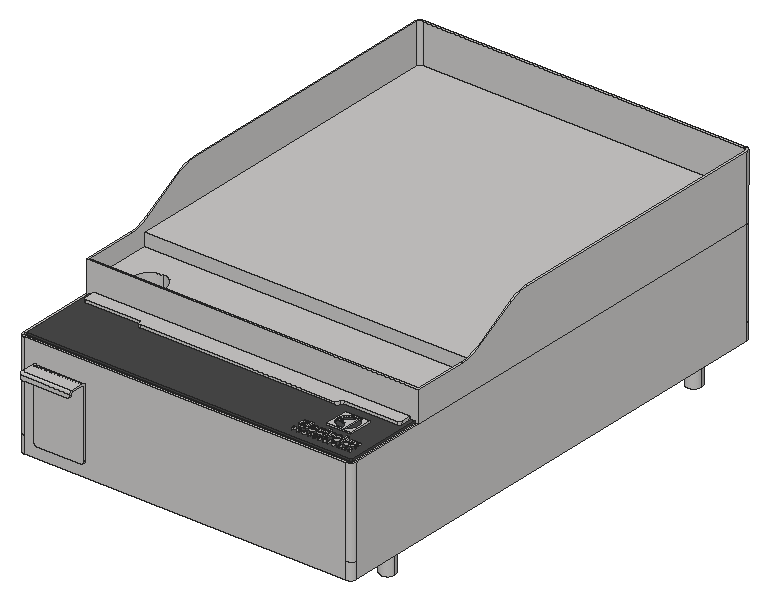
Revit family "QF_ELECTROLUXPROFESSIONAL_600886_E1IREEOMCS", category Specialty Equipment, Revit 2018
Family settings
  Round Connector Dimension = Use Diameter
  Part Type = Normal
  Work Plane-Based = No
  Always vertical = Yes
  Cut with Voids When Loaded = No
  Shared = No
  Room Calculation Point = No
Parameters (values of type "Standard")
  Watts = 0 W
  Volts = 220 V
  URL = "http://professional.electrolux.com"
  Steam Supply Size = 0 mm
  Steam Supply Minimum Pressure = 0.0 Pa
  Steam Supply Maximum Pressure = 0.0 Pa
  Steam Pounds per Hour = 0
  Show Logo [instance] = yes
  Manufacturer = "Electrolux Professional"
  Phase = 1
  Model = "E1IREEOMCS"
  Item Number = "600886"
  Hot Water Size = 0 mm
  HP = "4.7 HP"
  Gas Size = 0 mm
  Gas KW = 0
  Direct Waste Size = 0 mm
  Description = "PLUG-IN INDUCTION GRIDDLE, STAINLESS STEEL SMOOTH PLATE"
  Cycle = 60 Hz
  Condensate Return Size = 0 mm
  Compressed Air Volume = 0.0 L/s
  Compressed Air Size = 0 mm
  Compressed Air Pressure = 0.0 Pa
  Cold Water Size = 0 mm
Values of the unnamed type that differ from the named types
  Volts = 0 V
  Item Number = ""
  Cycle = 0 Hz
Reference planes
  plane 1 "Centro (Fronte/Retro)": y = 74.737
  plane 2: z = 0
  plane 3: x = -514.269
  plane 4 "LEFT": x = -714.269
  plane 5 "RIGHT": x = -314.269
  plane 6 "BACK": y = 374.737
  plane 7 "FRONT": y = -225.263
  plane 8: x = -712.269
  plane 9: y = 372.737
  plane 10: x = -316.269
  plane 11: y = -223.263
  plane 12: y = -124.263
  plane 13: x = -701.269
  plane 14: x = -327.269
  plane 15: y = 304.737
  plane 16: y = -155.263
  plane 17: x = -442.269
  plane 18: y = 179.737
  plane 19: z = 764
Forms (mm)
  Extrusion 1, solid, material "QF_Finishes_Stainless Steel"
    sketch origin (0, 0, 788) x (1, 0, 0) y (0, 1, 0)
      loop
        arc (-707.269, 374.737) -> (-712.218, 372.687) -> (-714.269, 367.737) r 7
        line (-714.269, 367.737) -> (-714.269, -218.263)
        arc (-714.269, -218.263) -> (-712.218, -223.213) -> (-707.269, -225.263) r 7
        line (-707.269, -225.263) -> (-321.269, -225.263)
        arc (-321.269, -225.263) -> (-316.319, -223.213) -> (-314.269, -218.263) r 7
        line (-314.269, -218.263) -> (-314.269, 367.737)
        arc (-314.269, 367.737) -> (-316.319, 372.687) -> (-321.269, 374.737) r 7
        line (-321.269, 374.737) -> (-707.269, 374.737)
    from 0 to 20
  Extrusion 2, solid, material "QF_Finishes_Stainless Steel"
    sketch origin (0, 0, 788) x (1, 0, 0) y (0, 1, 0)
      loop
        line (-321.269, 374.737) -> (-707.269, 374.737)
        arc (-707.269, 374.737) -> (-712.218, 372.687) -> (-714.269, 367.737) r 7
        line (-714.269, 367.737) -> (-714.269, -218.263)
        arc (-714.269, -218.263) -> (-712.218, -223.213) -> (-707.269, -225.263) r 7
        line (-707.269, -225.263) -> (-321.269, -225.263)
        arc (-321.269, -225.263) -> (-316.319, -223.213) -> (-314.269, -218.263) r 7
        line (-314.269, -218.263) -> (-314.269, 367.737)
        arc (-314.269, 367.737) -> (-316.319, 372.687) -> (-321.269, 374.737) r 7
      loop
        arc (-707.269, 372.737) -> (-710.804, 371.273) -> (-712.269, 367.737) r 5
        line (-712.269, 367.737) -> (-712.269, -218.263)
        arc (-712.269, -218.263) -> (-710.804, -221.798) -> (-707.269, -223.263) r 5
        line (-707.269, -223.263) -> (-321.269, -223.263)
        arc (-321.269, -223.263) -> (-317.733, -221.798) -> (-316.269, -218.263) r 5
        line (-316.269, -218.263) -> (-316.269, 367.737)
        arc (-316.269, 367.737) -> (-317.733, 371.273) -> (-321.269, 372.737) r 5
        line (-321.269, 372.737) -> (-707.269, 372.737)
    from 20 to 126
  Extrusion 3, solid, material "QF_Finishes_Black"
    sketch origin (0, 0, 914) x (-1, 0, 0) y (0, -1, 0)
      loop
        line (709.269, 124.263) -> (709.269, 218.263)
        arc (709.269, 218.263) -> (708.683, 219.677) -> (707.269, 220.263) r 2
        line (707.269, 220.263) -> (321.269, 220.263)
        arc (321.269, 220.263) -> (319.854, 219.677) -> (319.269, 218.263) r 2
        line (319.269, 218.263) -> (319.269, 124.263) -> (709.269, 124.263)
    from 0 to 2
  Extrusion 4, solid, material "QF_Finishes_Stainless Steel"
    sketch origin (0, 0, 914) x (-1, 0, 0) y (0, -1, 0)
      loop
        arc (701.269, 124.263) -> (703.39, 125.142) -> (704.269, 127.263) r 3
        line (704.269, 127.263) -> (704.269, 137.763)
        arc (704.269, 137.763) -> (703.39, 139.884) -> (701.269, 140.763) r 3
        line (701.269, 140.763) -> (637.269, 140.763)
        arc (637.269, 140.763) -> (635.147, 141.642) -> (634.269, 143.763) r 3
        arc (634.269, 143.763) -> (633.39, 145.884) -> (631.269, 146.763) r 3
        line (631.269, 146.763) -> (397.269, 146.763)
        arc (397.269, 146.763) -> (395.147, 145.884) -> (394.269, 143.763) r 3
        arc (394.269, 143.763) -> (393.39, 141.642) -> (391.269, 140.763) r 3
        line (391.269, 140.763) -> (327.269, 140.763)
        arc (327.269, 140.763) -> (325.147, 139.884) -> (324.269, 137.763) r 3
        line (324.269, 137.763) -> (324.269, 127.263)
        arc (324.269, 127.263) -> (325.147, 125.142) -> (327.269, 124.263) r 3
        line (327.269, 124.263) -> (701.269, 124.263)
    from 2 to 5
  Extrusion 5, solid, material "QF_Finishes_Stainless Steel"
    sketch origin (0, 0, 140) x (-1, 0, 0) y (0, -1, 0)
      loop
        circle (701.269, -304.737) r 9
      loop
        circle (327.269, -304.737) r 9
      loop
        circle (701.269, 155.263) r 9
      loop
        circle (327.269, 155.263) r 9
    from 624 to 648
  Extrusion 6, solid, material "QF_Finishes_Stainless Steel"
    sketch origin (0, 0, 140) x (-1, 0, 0) y (0, -1, 0)
      loop
        circle (442.269, -179.737) r 10
    from 638.028 to 648
  Extrusion 7, solid, material "QF_Finishes_Stainless Steel"
    sketch origin (0, 0, 140) x (-1, 0, 0) y (0, -1, 0)
      loop
        line (321.269, -374.737) -> (707.269, -374.737)
        arc (707.269, -374.737) -> (712.218, -372.687) -> (714.269, -367.737) r 7
        line (714.269, -367.737) -> (714.269, 124.263) -> (314.269, 124.263) -> (314.269, -367.737)
        arc (314.269, -367.737) -> (316.319, -372.687) -> (321.269, -374.737) r 7
      loop
        line (712.269, 122.263) -> (316.269, 122.263) -> (316.269, -367.737)
        arc (316.269, -367.737) -> (317.733, -371.273) -> (321.269, -372.737) r 5
        line (321.269, -372.737) -> (707.269, -372.737)
        arc (707.269, -372.737) -> (710.804, -371.273) -> (712.269, -367.737) r 5
        line (712.269, -367.737) -> (712.269, 122.263)
    from 774 to 851
  Extrusion 8, void
    sketch origin (-714.269, 367.737, 140) x (0, 1, 0) y (0, 0, 1)
      loop
        line (-492, 851) -> (-492, 811) -> (-425.278, 811)
        arc (-425.278, 811) -> (-412.445, 812.675) -> (-400.471, 817.588) r 50
        line (-400.471, 817.588) -> (-353.529, 844.412)
        arc (-353.529, 844.412) -> (-341.555, 849.325) -> (-328.722, 851) r 50
        line (-328.722, 851) -> (-492, 851)
    from 0 to 400
  Extrusion 9, solid, material "QF_Finishes_Stainless Steel"
    sketch origin (0, 0, 140) x (-1, 0, 0) y (0, -1, 0)
      loop
        line (712.269, -367.737) -> (712.269, 40.263) -> (316.269, 40.263) -> (316.269, -367.737)
        arc (316.269, -367.737) -> (317.733, -371.273) -> (321.269, -372.737) r 5
        line (321.269, -372.737) -> (707.269, -372.737)
        arc (707.269, -372.737) -> (710.804, -371.273) -> (712.269, -367.737) r 5
    from 774 to 804.06
  Extrusion 10, solid, material "QF_Finishes_Stainless Steel"
    sketch origin (0, 0, 140) x (-1, 0, 0) y (0, -1, 0)
      loop
        line (712.269, 40.263) -> (712.269, 122.263) -> (316.269, 122.263) -> (316.269, 40.263) -> (712.269, 40.263)
    from 774 to 789
  Extrusion 11, solid, material "QF_Finishes_Stainless Steel"
    sketch origin (-695.269, 367.737, 788) x (0, -1, 0) y (0, 0, 1)
      loop
        line (593, 14) -> (594.5, 14) -> (594.5, 99)
        arc (594.5, 99) -> (594.939, 100.061) -> (596, 100.5) r 1.5
        line (596, 100.5) -> (612, 100.5)
        arc (612, 100.5) -> (613.061, 100.061) -> (613.5, 99) r 1.5
        line (613.5, 99) -> (613.5, 94) -> (615, 94) -> (615, 99)
        arc (615, 99) -> (614.121, 101.121) -> (612, 102) r 3
        line (612, 102) -> (596, 102)
        arc (596, 102) -> (593.879, 101.121) -> (593, 99) r 3
        line (593, 99) -> (593, 14)
    from 0 to -60
  Extrusion 12, void
    sketch origin (-695.269, -226.763, 802) x (0, 0, 1) y (1, 0, 0)
      loop
        arc (4, 0) -> (1.172, 1.172) -> (0, 4) r 4
        line (0, 4) -> (0, 0) -> (4, 0)
      loop
        line (4, 60) -> (0, 60) -> (0, 56)
        arc (0, 56) -> (1.172, 58.828) -> (4, 60) r 4
    from 1.5 to 0
  Extrusion 13, void
    sketch origin (-695.269, -247.263, 890) x (0, 0, 1) y (1, 0, 0)
      loop
        arc (-4, 0) -> (-6.828, 1.172) -> (-8, 4) r 4
        line (-8, 4) -> (-8, 0) -> (-4, 0)
      loop
        line (-4, 60) -> (-8, 60) -> (-8, 56)
        arc (-8, 56) -> (-6.828, 58.828) -> (-4, 60) r 4
    from 0 to 1.5
  Extrusion 14, void
    sketch origin (3.3, 0, 929) x (0, -1, 0) y (-1, 0, 0)
      loop
        circle (91.263, 667.536) r 19
    from 0 to 71.307
Cuts and joins
  Extrusion 12, Extrusion 13 cuts Extrusion 1
  Extrusion 12, Extrusion 13 cuts Extrusion 2
  joined: Extrusion 1, Extrusion 2
  Extrusion 8 cuts Extrusion 7
  Extrusion 12, Extrusion 13 cuts Extrusion 11
  Extrusion 14 cuts Extrusion 10
Lines and regions (mm)
  symbolic lines
    curve 1: line (-321.269, 374.737, 126) -> (-707.269, 374.737, 126)
    curve 2: arc (-707.269, 374.737, 126) -> (-712.218, 372.687, 126) -> (-714.269, 367.737, 126) r 7
    curve 3: line (-714.269, 367.737, 126) -> (-714.269, -218.263, 126)
    curve 4: arc (-714.269, -218.263, 126) -> (-712.218, -223.213, 126) -> (-707.269, -225.263, 126) r 7
    curve 5: line (-707.269, -225.263, 126) -> (-321.269, -225.263, 126)
    curve 6: arc (-321.269, -225.263, 126) -> (-316.319, -223.213, 126) -> (-314.269, -218.263, 126) r 7
    curve 7: line (-314.269, -218.263, 126) -> (-314.269, 367.737, 126)
    curve 8: arc (-314.269, 367.737, 126) -> (-316.319, 372.687, 126) -> (-321.269, 374.737, 126) r 7
    curve 9: line (-707.269, 372.737, 126) -> (-321.269, 372.737, 126)
    curve 10: arc (-321.269, 372.737, 126) -> (-317.733, 371.273, 126) -> (-316.269, 367.737, 126) r 5
    curve 11: line (-316.269, 367.737, 126) -> (-316.269, -218.263, 126)
    curve 12: arc (-316.269, -218.263, 126) -> (-317.733, -221.798, 126) -> (-321.269, -223.263, 126) r 5
    curve 13: line (-321.269, -223.263, 126) -> (-707.269, -223.263, 126)
    curve 14: arc (-707.269, -223.263, 126) -> (-710.804, -221.798, 126) -> (-712.269, -218.263, 126) r 5
    curve 15: line (-712.269, -218.263, 126) -> (-712.269, 367.737, 126)
    curve 16: arc (-712.269, 367.737, 126) -> (-710.804, 371.273, 126) -> (-707.269, 372.737, 126) r 5
    curve 17: line (-631.269, -146.763, 126) -> (-397.269, -146.763, 126)
    curve 18: arc (-397.269, -146.763, 126) -> (-395.147, -145.884, 126) -> (-394.269, -143.763, 126) r 3
    curve 19: arc (-394.269, -143.763, 126) -> (-393.39, -141.642, 126) -> (-391.269, -140.763, 126) r 3
    curve 20: line (-391.269, -140.763, 126) -> (-327.269, -140.763, 126)
    curve 21: arc (-327.269, -140.763, 126) -> (-325.147, -139.884, 126) -> (-324.269, -137.763, 126) r 3
    curve 22: line (-324.269, -137.763, 126) -> (-324.269, -127.263, 126)
    curve 23: arc (-324.269, -127.263, 126) -> (-325.147, -125.142, 126) -> (-327.269, -124.263, 126) r 3
    curve 24: arc (-701.269, -124.263, 126) -> (-703.39, -125.142, 126) -> (-704.269, -127.263, 126) r 3
    curve 25: line (-704.269, -127.263, 126) -> (-704.269, -137.763, 126)
    curve 26: arc (-704.269, -137.763, 126) -> (-703.39, -139.884, 126) -> (-701.269, -140.763, 126) r 3
    curve 27: line (-701.269, -140.763, 126) -> (-637.269, -140.763, 126)
    curve 28: line (-319.269, -218.263, 126) -> (-319.269, -124.263, 126)
    curve 29: line (-709.269, -124.263, 126) -> (-709.269, -218.263, 126)
    curve 30: arc (-709.269, -218.263, 126) -> (-708.683, -219.677, 126) -> (-707.269, -220.263, 126) r 2
    curve 31: line (-707.269, -220.263, 126) -> (-321.269, -220.263, 126)
    curve 32: arc (-321.269, -220.263, 126) -> (-319.854, -219.677, 126) -> (-319.269, -218.263, 126) r 2
    curve 33: arc (-637.269, -140.763, 126) -> (-635.147, -141.642, 126) -> (-634.269, -143.763, 126) r 3
    curve 34: arc (-634.269, -143.763, 126) -> (-633.39, -145.884, 126) -> (-631.269, -146.763, 126) r 3
    curve 35: line (-709.269, -124.263, 0) -> (-319.269, -124.263, 0)
    curve 36: line (-712.269, -40.263, 126) -> (-316.269, -40.263, 126)
    curve 37: line (-378.626, -153.452, 126) -> (-378.626, -182.168, 126)
    curve 38: line (-378.626, -182.168, 126) -> (-349.912, -182.168, 126)
    curve 39: line (-349.912, -182.168, 126) -> (-349.912, -153.452, 126)
    curve 40: line (-349.912, -153.452, 126) -> (-378.626, -153.452, 126)
    curve 41: line (-375.841, -162.424, 126) -> (-375.07, -161.023, 126)
    curve 42: line (-375.07, -161.023, 126) -> (-374.141, -159.732, 126)
    curve 43: line (-374.141, -159.732, 126) -> (-373.065, -158.564, 126)
    curve 44: line (-373.065, -158.564, 126) -> (-371.856, -157.535, 126)
    curve 45: line (-371.856, -157.535, 126) -> (-370.527, -156.661, 126)
    curve 46: line (-370.527, -156.661, 126) -> (-369.091, -155.954, 126)
    curve 47: line (-369.091, -155.954, 126) -> (-367.562, -155.431, 126)
    curve 48: line (-367.562, -155.431, 126) -> (-365.952, -155.107, 126)
    curve 49: arc (-365.952, -155.107, 126) -> (-363.752, -155.007, 126) -> (-361.567, -155.279, 126) r 13.008
    curve 50: arc (-361.567, -155.279, 126) -> (-361.815, -157.647, 126) -> (-362.651, -159.876, 126) r 9.395
    curve 51: line (-362.651, -159.876, 126) -> (-363.438, -161.245, 126)
    curve 52: line (-363.438, -161.245, 126) -> (-364.403, -162.507, 126)
    curve 53: line (-364.403, -162.507, 126) -> (-365.524, -163.648, 126)
    curve 54: line (-365.524, -163.648, 126) -> (-366.781, -164.654, 126)
    curve 55: line (-366.781, -164.654, 126) -> (-368.151, -165.509, 126)
    curve 56: line (-368.151, -165.509, 126) -> (-369.615, -166.2, 126)
    curve 57: line (-369.615, -166.2, 126) -> (-371.15, -166.712, 126)
    curve 58: line (-371.15, -166.712, 126) -> (-372.736, -167.029, 126)
    curve 59: line (-372.736, -167.029, 126) -> (-374.352, -167.138, 126)
    curve 60: line (-374.352, -167.138, 126) -> (-377.067, -167.138, 126)
    curve 61: line (-377.067, -167.138, 126) -> (-376.852, -165.495, 126)
    curve 62: line (-376.852, -165.495, 126) -> (-376.439, -163.92, 126)
    curve 63: line (-376.439, -163.92, 126) -> (-375.841, -162.424, 126)
    curve 64: line (-360.221, -179.969, 126) -> (-360.221, -155.646, 126)
    curve 65: line (-360.221, -155.646, 126) -> (-358.743, -156.237, 126)
    curve 66: line (-358.743, -156.237, 126) -> (-357.363, -157.003, 126)
    curve 67: line (-357.363, -157.003, 126) -> (-356.095, -157.931, 126)
    curve 68: line (-356.095, -157.931, 126) -> (-354.951, -159.007, 126)
    curve 69: line (-354.951, -159.007, 126) -> (-353.945, -160.217, 126)
    curve 70: line (-353.945, -160.217, 126) -> (-353.092, -161.548, 126)
    curve 71: line (-353.092, -161.548, 126) -> (-352.403, -162.986, 126)
    curve 72: line (-352.403, -162.986, 126) -> (-351.894, -164.517, 126)
    curve 73: line (-351.894, -164.517, 126) -> (-351.576, -166.128, 126)
    curve 74: line (-351.576, -166.128, 126) -> (-351.464, -167.804, 126)
    curve 75: line (-351.464, -167.804, 126) -> (-351.567, -169.456, 126)
    curve 76: line (-351.567, -169.456, 126) -> (-351.873, -171.047, 126)
    curve 77: line (-351.873, -171.047, 126) -> (-352.372, -172.563, 126)
    curve 78: line (-352.372, -172.563, 126) -> (-353.05, -173.992, 126)
    curve 79: line (-353.05, -173.992, 126) -> (-353.897, -175.319, 126)
    curve 80: line (-353.897, -175.319, 126) -> (-354.899, -176.532, 126)
    curve 81: line (-354.899, -176.532, 126) -> (-356.044, -177.617, 126)
    curve 82: line (-356.044, -177.617, 126) -> (-357.321, -178.56, 126)
    curve 83: line (-357.321, -178.56, 126) -> (-358.718, -179.349, 126)
    curve 84: line (-358.718, -179.349, 126) -> (-360.221, -179.969, 126)
    curve 85: line (-369.613, -169.43, 126) -> (-368.15, -170.12, 126)
    curve 86: line (-368.15, -170.12, 126) -> (-366.78, -170.975, 126)
    curve 87: line (-366.78, -170.975, 126) -> (-365.524, -171.98, 126)
    curve 88: line (-365.524, -171.98, 126) -> (-364.403, -173.12, 126)
    curve 89: line (-364.403, -173.12, 126) -> (-363.439, -174.381, 126)
    curve 90: line (-363.439, -174.381, 126) -> (-362.652, -175.748, 126)
    curve 91: arc (-362.652, -175.748, 126) -> (-361.85, -177.982, 126) -> (-361.568, -180.34, 126) r 10.532
    curve 92: arc (-361.568, -180.34, 126) -> (-362.906, -180.548, 126) -> (-364.258, -180.63, 126) r 14.39
    curve 93: line (-364.258, -180.63, 126) -> (-365.828, -180.532, 126)
    curve 94: line (-365.828, -180.532, 126) -> (-367.331, -180.252, 126)
    curve 95: line (-367.331, -180.252, 126) -> (-368.77, -179.801, 126)
    curve 96: line (-368.77, -179.801, 126) -> (-370.134, -179.191, 126)
    curve 97: line (-370.134, -179.191, 126) -> (-371.411, -178.434, 126)
    curve 98: line (-371.411, -178.434, 126) -> (-372.589, -177.541, 126)
    curve 99: line (-372.589, -177.541, 126) -> (-373.656, -176.525, 126)
    curve 100: line (-373.656, -176.525, 126) -> (-374.6, -175.397, 126)
    curve 101: line (-374.6, -175.397, 126) -> (-375.41, -174.168, 126)
    curve 102: line (-375.41, -174.168, 126) -> (-376.073, -172.852, 126)
    curve 103: line (-376.073, -172.852, 126) -> (-376.579, -171.46, 126)
    curve 104: line (-376.579, -171.46, 126) -> (-376.915, -170.003, 126)
    curve 105: line (-376.915, -170.003, 126) -> (-377.069, -168.493, 126)
    curve 106: line (-377.069, -168.493, 126) -> (-374.35, -168.493, 126)
    curve 107: line (-374.35, -168.493, 126) -> (-372.734, -168.602, 126)
    curve 108: line (-372.734, -168.602, 126) -> (-371.148, -168.919, 126)
    curve 109: line (-371.148, -168.919, 126) -> (-369.613, -169.43, 126)
    curve 110: arc (-399.495, -197.154, 126) -> (-398.466, -199.638, 126) -> (-395.982, -200.667, 126) r 3.513
    curve 111: line (-395.982, -200.667, 126) -> (-392.408, -200.667, 126)
    curve 112: line (-392.408, -200.667, 126) -> (-392.408, -198.85, 126)
    curve 113: line (-392.408, -198.85, 126) -> (-395.966, -198.85, 126)
    curve 114: arc (-395.966, -198.85, 126) -> (-397.094, -198.382, 126) -> (-397.562, -197.254, 126) r 1.596
    curve 115: line (-397.562, -197.254, 126) -> (-397.562, -195.74, 126)
    curve 116: line (-397.562, -195.74, 126) -> (-392.843, -195.74, 126)
    curve 117: line (-392.843, -195.74, 126) -> (-392.843, -193.917, 126)
    curve 118: line (-392.843, -193.917, 126) -> (-397.563, -193.917, 126)
    curve 119: line (-397.563, -193.917, 126) -> (-397.563, -191.264, 126)
    curve 120: line (-397.563, -191.264, 126) -> (-392.542, -191.264, 126)
    curve 121: line (-392.542, -191.264, 126) -> (-392.542, -189.445, 126)
    curve 122: line (-392.542, -189.445, 126) -> (-399.495, -189.445, 126)
    curve 123: line (-399.495, -189.445, 126) -> (-399.495, -193.353, 126)
    curve 124: line (-399.495, -193.353, 126) -> (-399.495, -197.154, 126)
    curve 125: line (-389.101, -189.455, 126) -> (-391.035, -189.455, 126)
    curve 126: line (-391.035, -189.455, 126) -> (-391.035, -194.76, 126)
    curve 127: line (-391.035, -194.76, 126) -> (-391.035, -200.681, 126)
    curve 128: line (-391.035, -200.681, 126) -> (-389.101, -200.681, 126)
    curve 129: line (-389.101, -200.681, 126) -> (-389.101, -194.721, 126)
    curve 130: line (-389.101, -194.721, 126) -> (-389.101, -189.455, 126)
    curve 131: arc (-380.394, -193.787, 126) -> (-383.654, -192.313, 126) -> (-386.913, -193.787, 126) r 4.34
    curve 132: arc (-386.913, -193.787, 126) -> (-387.819, -196.606, 126) -> (-386.913, -199.425, 126) r 4.838
    curve 133: arc (-386.913, -199.425, 126) -> (-383.498, -200.88, 126) -> (-380.082, -199.425, 126) r 4.737
    curve 134: line (-380.082, -199.425, 126) -> (-381.246, -198.293, 126)
    curve 135: arc (-381.246, -198.293, 126) -> (-383.382, -199.237, 126) -> (-385.517, -198.293, 126) r 2.888
    curve 136: arc (-385.517, -198.293, 126) -> (-385.841, -197.736, 126) -> (-385.905, -197.095, 126) r 1.527
    curve 137: line (-385.905, -197.095, 126) -> (-379.564, -197.095, 126)
    curve 138: arc (-379.564, -197.095, 126) -> (-379.672, -195.364, 126) -> (-380.394, -193.787, 126) r 4.757
    curve 139: line (-381.505, -195.736, 126) -> (-385.858, -195.736, 126)
    curve 140: arc (-385.858, -195.736, 126) -> (-385.043, -194.411, 126) -> (-383.56, -193.941, 126) r 2.23
    curve 141: arc (-383.56, -193.941, 126) -> (-382.221, -194.482, 126) -> (-381.505, -195.736, 126) r 2.201
    curve 142: arc (-372.029, -198.26, 126) -> (-376.639, -196.593, 126) -> (-372.029, -194.927, 126) r 2.606
    curve 143: line (-372.029, -194.927, 126) -> (-370.832, -193.681, 126)
    curve 144: arc (-370.832, -193.681, 126) -> (-378.564, -196.594, 126) -> (-370.832, -199.507, 126) r 4.415
    curve 145: line (-370.832, -199.507, 126) -> (-372.029, -198.26, 126)
    curve 146: line (-369.629, -193.481, 126) -> (-369.629, -197.299, 126)
    curve 147: arc (-369.629, -197.299, 126) -> (-368.592, -199.893, 126) -> (-365.911, -200.681, 126) r 3.196
    curve 148: line (-365.911, -200.681, 126) -> (-365.904, -198.864, 126)
    curve 149: arc (-365.904, -198.864, 126) -> (-367.239, -198.457, 126) -> (-367.699, -197.14, 126) r 1.542
    curve 150: line (-367.699, -197.14, 126) -> (-367.699, -194.319, 126)
    curve 151: line (-367.699, -194.319, 126) -> (-365.94, -194.319, 126)
    curve 152: line (-365.94, -194.319, 126) -> (-365.94, -192.562, 126)
    curve 153: line (-365.94, -192.562, 126) -> (-367.696, -192.562, 126)
    curve 154: line (-367.696, -192.562, 126) -> (-367.696, -189.455, 126)
    curve 155: line (-367.696, -189.455, 126) -> (-369.629, -189.455, 126)
    curve 156: line (-369.629, -189.455, 126) -> (-369.629, -193.481, 126)
    curve 157: arc (-359.402, -192.451, 126) -> (-361.13, -192.587, 126) -> (-362.397, -193.771, 126) r 2.627
    curve 158: line (-362.397, -193.771, 126) -> (-362.397, -192.563, 126)
    curve 159: line (-362.397, -192.563, 126) -> (-364.315, -192.563, 126)
    curve 160: line (-364.315, -192.563, 126) -> (-364.315, -196.541, 126)
    curve 161: line (-364.315, -196.541, 126) -> (-364.315, -200.681, 126)
    curve 162: line (-364.315, -200.681, 126) -> (-362.397, -200.681, 126)
    curve 163: line (-362.397, -200.681, 126) -> (-362.397, -196.412, 126)
    curve 164: arc (-362.397, -196.412, 126) -> (-361.445, -194.585, 126) -> (-359.402, -194.319, 126) r 2.229
    curve 165: line (-359.402, -194.319, 126) -> (-359.402, -192.451, 126)
    curve 166: arc (-350.248, -196.625, 126) -> (-354.668, -192.205, 126) -> (-359.088, -196.625, 126) r 4.42
    curve 167: arc (-359.088, -196.625, 126) -> (-354.668, -201.046, 126) -> (-350.248, -196.625, 126) r 4.42
    curve 168: arc (-357.176, -196.625, 126) -> (-354.668, -194.117, 126) -> (-352.16, -196.625, 126) r 2.508
    curve 169: arc (-352.16, -196.625, 126) -> (-354.668, -199.134, 126) -> (-357.176, -196.625, 126) r 2.508
    curve 170: line (-347.124, -189.454, 126) -> (-349.058, -189.454, 126)
    curve 171: line (-349.058, -189.454, 126) -> (-349.058, -194.566, 126)
    curve 172: line (-349.058, -194.566, 126) -> (-349.058, -200.682, 126)
    curve 173: line (-349.058, -200.682, 126) -> (-347.124, -200.682, 126)
    curve 174: line (-347.124, -200.682, 126) -> (-347.124, -194.643, 126)
    curve 175: line (-347.124, -194.643, 126) -> (-347.124, -189.454, 126)
    curve 176: line (-343.697, -192.562, 126) -> (-345.646, -192.562, 126)
    curve 177: line (-345.646, -192.562, 126) -> (-345.646, -194.915, 126)
    curve 178: line (-345.646, -194.915, 126) -> (-345.646, -197.715, 126)
    curve 179: arc (-345.646, -197.715, 126) -> (-341.931, -201.044, 126) -> (-338.204, -197.728, 126) r 3.745
    curve 180: line (-338.204, -197.728, 126) -> (-338.204, -194.915, 126)
    curve 181: line (-338.204, -194.915, 126) -> (-338.204, -192.562, 126)
    curve 182: line (-338.204, -192.562, 126) -> (-340.152, -192.562, 126)
    curve 183: line (-340.152, -192.562, 126) -> (-340.152, -197.299, 126)
    curve 184: arc (-340.152, -197.299, 126) -> (-341.925, -199.071, 126) -> (-343.697, -197.299, 126) r 1.772
    curve 185: line (-343.697, -197.299, 126) -> (-343.697, -192.562, 126)
    curve 186: line (-334.237, -196.397, 126) -> (-335.916, -198.735, 126)
    curve 187: line (-335.916, -198.735, 126) -> (-337.313, -200.682, 126)
    curve 188: line (-337.313, -200.682, 126) -> (-335.235, -200.682, 126)
    curve 189: line (-335.235, -200.682, 126) -> (-333.174, -197.813, 126)
    curve 190: line (-333.174, -197.813, 126) -> (-331.112, -200.682, 126)
    curve 191: line (-331.112, -200.682, 126) -> (-329.034, -200.682, 126)
    curve 192: line (-329.034, -200.682, 126) -> (-330.891, -198.085, 126)
    curve 193: line (-330.891, -198.085, 126) -> (-332.11, -196.38, 126)
    curve 194: line (-332.11, -196.38, 126) -> (-330.601, -194.325, 126)
    curve 195: line (-330.601, -194.325, 126) -> (-329.308, -192.563, 126)
    curve 196: line (-329.308, -192.563, 126) -> (-331.418, -192.563, 126)
    curve 197: line (-331.418, -192.563, 126) -> (-333.174, -194.995, 126)
    curve 198: line (-333.174, -194.995, 126) -> (-334.946, -192.563, 126)
    curve 199: line (-334.946, -192.563, 126) -> (-337.039, -192.563, 126)
    curve 200: line (-337.039, -192.563, 126) -> (-335.839, -194.205, 126)
    curve 201: line (-335.839, -194.205, 126) -> (-334.237, -196.397, 126)
    curve 202: line (-399.467, -205.699, 126) -> (-399.467, -209.59, 126)
    curve 203: line (-399.467, -209.59, 126) -> (-398.667, -209.59, 126)
    curve 204: line (-398.667, -209.59, 126) -> (-398.667, -208.271, 126)
    curve 205: line (-398.667, -208.271, 126) -> (-397.697, -208.271, 126)
    curve 206: arc (-397.697, -208.271, 126) -> (-396.674, -206.863, 126) -> (-397.967, -205.699, 126) r 1.3
    curve 207: line (-397.967, -205.699, 126) -> (-399.467, -205.699, 126)
    curve 208: line (-398.667, -207.52, 126) -> (-398.667, -206.434, 126)
    curve 209: line (-398.667, -206.434, 126) -> (-397.861, -206.434, 126)
    curve 210: arc (-397.861, -206.434, 126) -> (-397.461, -206.977, 126) -> (-397.861, -207.52, 126) r 0.569
    curve 211: line (-397.861, -207.52, 126) -> (-398.667, -207.52, 126)
    curve 212: line (-393.389, -205.699, 126) -> (-393.389, -209.59, 126)
    curve 213: line (-393.389, -209.59, 126) -> (-392.589, -209.59, 126)
    curve 214: line (-392.589, -209.59, 126) -> (-392.589, -208.249, 126)
    curve 215: line (-392.589, -208.249, 126) -> (-391.763, -208.249, 126)
    curve 216: line (-391.763, -208.249, 126) -> (-390.957, -209.59, 126)
    curve 217: line (-390.957, -209.59, 126) -> (-390.05, -209.59, 126)
    curve 218: line (-390.05, -209.59, 126) -> (-391.058, -207.929, 126)
    curve 219: arc (-391.058, -207.929, 126) -> (-390.677, -206.531, 126) -> (-391.863, -205.699, 126) r 1.26
    curve 220: line (-391.863, -205.699, 126) -> (-393.389, -205.699, 126)
    curve 221: line (-392.589, -207.52, 126) -> (-392.589, -206.434, 126)
    curve 222: line (-392.589, -206.434, 126) -> (-391.782, -206.434, 126)
    curve 223: arc (-391.782, -206.434, 126) -> (-391.383, -206.977, 126) -> (-391.782, -207.52, 126) r 0.569
    curve 224: line (-391.782, -207.52, 126) -> (-392.589, -207.52, 126)
    curve 225: arc (-386.695, -207.668, 126) -> (-385.407, -206.38, 126) -> (-384.119, -207.668, 126) r 1.288
    curve 226: arc (-384.119, -207.668, 126) -> (-385.407, -208.956, 126) -> (-386.695, -207.668, 126) r 1.288
    curve 227: arc (-383.342, -207.668, 126) -> (-385.407, -205.603, 126) -> (-387.472, -207.668, 126) r 2.065
    curve 228: arc (-387.472, -207.668, 126) -> (-385.407, -209.733, 126) -> (-383.342, -207.668, 126) r 2.065
    curve 229: line (-379.969, -205.699, 126) -> (-379.969, -209.59, 126)
    curve 230: line (-379.969, -209.59, 126) -> (-379.169, -209.59, 126)
    curve 231: line (-379.169, -209.59, 126) -> (-379.169, -208.099, 126)
    curve 232: line (-379.169, -208.099, 126) -> (-377.704, -208.099, 126)
    curve 233: line (-377.704, -208.099, 126) -> (-377.704, -207.299, 126)
    curve 234: line (-377.704, -207.299, 126) -> (-379.169, -207.299, 126)
    curve 235: line (-379.169, -207.299, 126) -> (-379.169, -206.499, 126)
    curve 236: line (-379.169, -206.499, 126) -> (-377.564, -206.499, 126)
    curve 237: line (-377.564, -206.499, 126) -> (-377.564, -205.699, 126)
    curve 238: line (-377.564, -205.699, 126) -> (-379.969, -205.699, 126)
    curve 239: line (-374.264, -205.699, 126) -> (-374.264, -208.344, 126)
    curve 240: arc (-374.264, -208.344, 126) -> (-373.899, -209.225, 126) -> (-373.017, -209.59, 126) r 1.246
    curve 241: line (-373.017, -209.59, 126) -> (-371.761, -209.59, 126)
    curve 242: line (-371.761, -209.59, 126) -> (-371.761, -208.79, 126)
    curve 243: line (-371.761, -208.79, 126) -> (-372.922, -208.79, 126)
    curve 244: arc (-372.922, -208.79, 126) -> (-373.361, -208.576, 126) -> (-373.464, -208.099, 126) r 0.558
    curve 245: line (-373.464, -208.099, 126) -> (-371.907, -208.099, 126)
    curve 246: line (-371.907, -208.099, 126) -> (-371.907, -207.299, 126)
    curve 247: line (-371.907, -207.299, 126) -> (-373.464, -207.299, 126)
    curve 248: line (-373.464, -207.299, 126) -> (-373.464, -206.499, 126)
    curve 249: line (-373.464, -206.499, 126) -> (-371.799, -206.499, 126)
    curve 250: line (-371.799, -206.499, 126) -> (-371.799, -205.699, 126)
    curve 251: line (-371.799, -205.699, 126) -> (-374.264, -205.699, 126)
    curve 252: arc (-368.711, -208.718, 126) -> (-367.818, -209.538, 126) -> (-366.606, -209.568, 126) r 1.725
    curve 253: arc (-366.606, -209.568, 126) -> (-365.785, -208.793, 126) -> (-366.071, -207.702, 126) r 1.107
    curve 254: arc (-366.071, -207.702, 126) -> (-366.648, -207.348, 126) -> (-367.264, -207.067, 126) r 5.523
    curve 255: arc (-367.264, -207.067, 126) -> (-367.604, -206.55, 126) -> (-367.043, -206.293, 126) r 0.407
    curve 256: arc (-367.043, -206.293, 126) -> (-366.706, -206.498, 126) -> (-366.425, -206.775, 126) r 1.702
    curve 257: line (-366.425, -206.775, 126) -> (-365.74, -206.363, 126)
    curve 258: arc (-365.74, -206.363, 126) -> (-366.172, -205.902, 126) -> (-366.708, -205.566, 126) r 2.463
    curve 259: arc (-366.708, -205.566, 126) -> (-368.378, -206.347, 126) -> (-367.331, -207.864, 126) r 1.207
    curve 260: line (-367.331, -207.864, 126) -> (-366.868, -208.812, 126)
    curve 261: arc (-366.868, -208.812, 126) -> (-367.513, -208.798, 126) -> (-367.991, -208.367, 126) r 0.925
    curve 262: line (-367.991, -208.367, 126) -> (-368.711, -208.718, 126)
    curve 263: arc (-362.851, -208.718, 126) -> (-361.958, -209.538, 126) -> (-360.746, -209.568, 126) r 1.725
    curve 264: arc (-360.746, -209.568, 126) -> (-359.926, -208.793, 126) -> (-360.211, -207.702, 126) r 1.107
    curve 265: arc (-360.211, -207.702, 126) -> (-360.788, -207.348, 126) -> (-361.405, -207.067, 126) r 5.523
    curve 266: arc (-361.405, -207.067, 126) -> (-361.745, -206.55, 126) -> (-361.183, -206.293, 126) r 0.407
    curve 267: arc (-361.183, -206.293, 126) -> (-360.846, -206.498, 126) -> (-360.566, -206.775, 126) r 1.702
    curve 268: line (-360.566, -206.775, 126) -> (-359.88, -206.363, 126)
    curve 269: arc (-359.88, -206.363, 126) -> (-360.313, -205.902, 126) -> (-360.848, -205.566, 126) r 2.463
    curve 270: arc (-360.848, -205.566, 126) -> (-362.518, -206.347, 126) -> (-361.471, -207.864, 126) r 1.207
    curve 271: line (-361.471, -207.864, 126) -> (-361.009, -208.812, 126)
    curve 272: arc (-361.009, -208.812, 126) -> (-361.653, -208.798, 126) -> (-362.132, -208.367, 126) r 0.925
    curve 273: line (-362.132, -208.367, 126) -> (-362.851, -208.718, 126)
    curve 274: line (-356.591, -209.59, 126) -> (-355.791, -209.59, 126)
    curve 275: line (-355.791, -209.59, 126) -> (-355.791, -205.699, 126)
    curve 276: line (-355.791, -205.699, 126) -> (-356.591, -205.699, 126)
    curve 277: line (-356.591, -205.699, 126) -> (-356.591, -209.59, 126)
    curve 278: arc (-352.472, -207.668, 126) -> (-350.407, -209.733, 126) -> (-348.342, -207.668, 126) r 2.065
    curve 279: arc (-348.342, -207.668, 126) -> (-350.407, -205.603, 126) -> (-352.472, -207.668, 126) r 2.065
    curve 280: arc (-351.695, -207.668, 126) -> (-350.407, -206.38, 126) -> (-349.119, -207.668, 126) r 1.288
    curve 281: arc (-349.119, -207.668, 126) -> (-350.407, -208.956, 126) -> (-351.695, -207.668, 126) r 1.288
    curve 282: line (-345.051, -205.699, 126) -> (-345.051, -209.59, 126)
    curve 283: line (-345.051, -209.59, 126) -> (-344.221, -209.59, 126)
    curve 284: line (-344.221, -209.59, 126) -> (-344.221, -207.143, 126)
    curve 285: line (-344.221, -207.143, 126) -> (-342.441, -209.59, 126)
    curve 286: line (-342.441, -209.59, 126) -> (-341.641, -209.59, 126)
    curve 287: line (-341.641, -209.59, 126) -> (-341.641, -205.699, 126)
    curve 288: line (-341.641, -205.699, 126) -> (-342.471, -205.699, 126)
    curve 289: line (-342.471, -205.699, 126) -> (-342.471, -208.219, 126)
    curve 290: line (-342.471, -208.219, 126) -> (-344.251, -205.699, 126)
    curve 291: line (-344.251, -205.699, 126) -> (-345.051, -205.699, 126)
    curve 292: line (-336.895, -205.7, 126) -> (-338.488, -209.59, 126)
    curve 293: line (-338.488, -209.59, 126) -> (-337.629, -209.59, 126)
    curve 294: line (-337.629, -209.59, 126) -> (-337.25, -208.75, 126)
    curve 295: line (-337.25, -208.75, 126) -> (-335.811, -208.75, 126)
    curve 296: line (-335.811, -208.75, 126) -> (-335.432, -209.59, 126)
    curve 297: line (-335.432, -209.59, 126) -> (-334.574, -209.59, 126)
    curve 298: line (-334.574, -209.59, 126) -> (-336.095, -205.7, 126)
    curve 299: line (-336.095, -205.7, 126) -> (-336.895, -205.7, 126)
    curve 300: line (-336.947, -207.983, 126) -> (-336.529, -206.965, 126)
    curve 301: line (-336.529, -206.965, 126) -> (-336.131, -207.983, 126)
    curve 302: line (-336.131, -207.983, 126) -> (-336.947, -207.983, 126)
    curve 303: line (-331.398, -205.699, 126) -> (-331.398, -209.59, 126)
    curve 304: line (-331.398, -209.59, 126) -> (-329.102, -209.59, 126)
    curve 305: line (-329.102, -209.59, 126) -> (-329.102, -208.79, 126)
    curve 306: line (-329.102, -208.79, 126) -> (-330.599, -208.79, 126)
    curve 307: line (-330.599, -208.79, 126) -> (-330.599, -205.699, 126)
    curve 308: line (-330.599, -205.699, 126) -> (-331.398, -205.699, 126)
    curve 309: arc (-664.236, -110.263, 126) -> (-683.236, -91.263, 126) -> (-664.236, -72.263, 126) r 19
    curve 310: arc (-664.236, -72.263, 126) -> (-645.236, -91.263, 126) -> (-664.236, -110.263, 126) r 19
    curve 311: line (-316.269, -122.263, 126) -> (-712.269, -122.263, 126)
    curve 312: line (-695.269, -225.263, 126) -> (-695.269, -247.263, 126)
    curve 313: line (-695.269, -247.263, 126) -> (-635.269, -247.263, 126)
    curve 314: line (-635.269, -247.263, 126) -> (-635.269, -225.263, 126)
Dimensions and locks
  equal spacing: plane 4 "LEFT", plane 3, plane 5 "RIGHT"
  plane 4 "LEFT" to plane 5 "RIGHT" = 400 mm
  equal spacing: plane 6 "BACK", plane 1 "Centro (Fronte/Retro)", plane 7 "FRONT"
  plane 6 "BACK" to plane 7 "FRONT" = 600 mm
  locked: plane 4 "LEFT" to plane 13 at 13
  locked: plane 14 to plane 5 "RIGHT" at 13
  locked: plane 6 "BACK" to plane 15 at 70
  locked: plane 16 to plane 7 "FRONT" at 70
  locked: plane 17 to plane 5 "RIGHT" at 128
  locked: plane 6 "BACK" to plane 18 at 195
  Extrusion 4 to Extrusion 5 = 155 mm
  plane 19 to level = 764 mm
  aligned and locked: level to plane 2
  aligned and locked: Extrusion 5 to cut or joined group of Extrusion 1, Extrusion 2, Extrusion 12, Extrusion 13
Automatic sketch dimensions
  curve 35 to plane 12 = 0 mm
  plane 8 to curve 35 = 3 mm
  curve 35 to plane 10 = 3 mm
  Extrusion 1 sketch curve to plane 4 "LEFT" = 0 mm
  Extrusion 1 sketch curve to plane 7 "FRONT" = 0 mm
  Extrusion 1 sketch curve to plane 6 "BACK" = 0 mm
  Extrusion 1 sketch curve to plane 5 "RIGHT" = 0 mm
  plane 8 to Extrusion 1 sketch curve = 5 mm  (x2)
  Extrusion 1 sketch curve to plane 10 = 5 mm  (x2)
  Extrusion 2 sketch curve to Extrusion 2 sketch curve = 0 mm  (x8)
  Extrusion 2 sketch curve to plane 4 "LEFT" = 0 mm
  Extrusion 2 sketch curve to plane 8 = 0 mm
  Extrusion 2 sketch curve to plane 6 "BACK" = 0 mm
  Extrusion 2 sketch curve to plane 7 "FRONT" = 0 mm
  Extrusion 2 sketch curve to plane 10 = 0 mm
  Extrusion 2 sketch curve to Extrusion 2 sketch curve = 5 mm  (x2)
  Extrusion 2 sketch curve to plane 10 = 5 mm  (x2)
  Extrusion 3 sketch curve to plane 12 = 0 mm
  Extrusion 3 sketch curve to plane 10 = 3 mm
  Extrusion 3 sketch curve to Extrusion 3 sketch curve = 2 mm  (x2)
  plane 8 to Extrusion 3 sketch curve = 5 mm
  plane 11 to Extrusion 3 sketch curve = 5 mm
  Extrusion 4 sketch curve to plane 12 = 0 mm
  Extrusion 4 sketch curve to plane 14 = 0 mm  (x2)
  Extrusion 4 sketch curve to plane 13 = 0 mm  (x2)
  Extrusion 4 sketch curve to Extrusion 4 sketch curve = 3 mm  (x2)
  plane 16 to Extrusion 4 sketch curve = 11.5 mm
  plane 17 to Extrusion 4 sketch curve = 51 mm
  Extrusion 4 sketch curve to Extrusion 4 sketch curve = 6 mm  (x2)
  plane 16 to Extrusion 4 sketch curve = 8.5 mm
  plane 13 to Extrusion 4 sketch curve = 70 mm
  Extrusion 4 sketch curve to plane 12 = 3 mm
  Extrusion 4 sketch curve to Extrusion 4 sketch curve = 10.5 mm  (x2)
  Extrusion 5 sketch curve to plane 14 = 0 mm  (x2)
  Extrusion 5 sketch curve to plane 13 = 0 mm  (x2)
  Extrusion 5 sketch curve to plane 15 = 0 mm  (x2)
  Extrusion 5 sketch curve to plane 16 = 0 mm  (x2)
  Extrusion 6 sketch curve to plane 17 = 0 mm
  Extrusion 6 sketch curve to plane 18 = 0 mm
  Extrusion 7 sketch curve to Extrusion 7 sketch curve = 0 mm  (x4)
  Extrusion 7 sketch curve to plane 5 "RIGHT" = 0 mm
  Extrusion 7 sketch curve to plane 10 = 0 mm
  Extrusion 7 sketch curve to plane 9 = 0 mm
  Extrusion 7 sketch curve to plane 8 = 0 mm
  Extrusion 7 sketch curve to plane 12 = 0 mm
  Extrusion 7 sketch curve to plane 9 = 5 mm
  plane 8 to Extrusion 7 sketch curve = 5 mm
  plane 12 to Extrusion 7 sketch curve = 2 mm
  Extrusion 8 sketch curve to Extrusion 7 = 0 mm  (x2)
  Extrusion 8 sketch curve to Extrusion 7 = 37 mm
  Extrusion 7 to Extrusion 8 sketch curve = 66.722 mm
  Extrusion 8 sketch curve to Extrusion 7 = 33.412 mm
  Extrusion 8 sketch curve to Extrusion 8 sketch curve = 24.807 mm
  Extrusion 8 sketch curve to Extrusion 7 = 6.588 mm
  Extrusion 8 sketch curve to Extrusion 8 sketch curve = 46.943 mm
  Extrusion 8 sketch curve to Extrusion 7 = 27 mm
  Extrusion 9 sketch curve to plane 10 = 0 mm
  Extrusion 9 sketch curve to plane 9 = 0 mm
  Extrusion 9 sketch curve to plane 8 = 0 mm
  Extrusion 9 sketch curve to plane 10 = 5 mm
  Extrusion 9 sketch curve to Extrusion 9 sketch curve = 5 mm
  plane 12 to Extrusion 9 sketch curve = 84 mm
  Extrusion 10 sketch curve to plane 10 = 0 mm
  Extrusion 10 sketch curve to plane 8 = 0 mm
  plane 12 to Extrusion 10 sketch curve = 84 mm
  plane 12 to Extrusion 10 sketch curve = 2 mm
  Extrusion 11 sketch curve to Extrusion 11 sketch curve = 0 mm  (x7)
  Extrusion 11 sketch curve to plane 7 "FRONT" = 0 mm
  Extrusion 11 sketch curve to Extrusion 11 sketch curve = 1.5 mm  (x3)
  Extrusion 11 sketch curve to Extrusion 11 sketch curve = 16 mm
  Extrusion 11 sketch curve to Extrusion 11 sketch curve = 5 mm
  Extrusion 12 sketch curve to Extrusion 11 = 0 mm  (x4)
  Extrusion 12 sketch curve to Extrusion 12 sketch curve = 4 mm
  Extrusion 12 sketch curve to Extrusion 11 = 4 mm
  Extrusion 13 sketch curve to Extrusion 11 = 0 mm  (x4)
  Extrusion 11 to Extrusion 13 sketch curve = 1 mm  (x2)
  plane 12 to Extrusion 14 sketch curve = 33 mm
  plane 13 to Extrusion 14 sketch curve = 37.033 mm
  curve 2 to curve 16 = 0 mm
  curve 4 to curve 14 = 0 mm  (x2)
  curve 4 to curve 30 = 0 mm  (x2)
  curve 6 to curve 12 = 0 mm  (x2)
  curve 6 to curve 32 = 0 mm
  curve 8 to curve 10 = 0 mm  (x2)
  curve 12 to curve 32 = 0 mm
  curve 166 to curve 168 = 0 mm  (x2)
  curve 179 to curve 184 = 0 mm  (x2)
  curve 225 to curve 227 = 0 mm  (x2)
  curve 252 to curve 261 = 0 mm  (x2)
  curve 255 to curve 259 = 0 mm  (x2)
  curve 263 to curve 272 = 0 mm  (x2)
  curve 266 to curve 270 = 0 mm  (x2)
  curve 278 to curve 280 = 0 mm
  curve 278 to curve 281 = 0 mm
  curve 6 to plane 5 "RIGHT" = 0 mm
  curve 36 to plane 10 = 0 mm
  curve 28 to plane 12 = 0 mm
  curve 5 to plane 7 "FRONT" = 0 mm
  curve 1 to plane 6 "BACK" = 0 mm
  curve 21 to plane 14 = 0 mm
  curve 23 to plane 14 = 0 mm
  curve 24 to plane 12 = 0 mm
  curve 24 to plane 13 = 0 mm
  curve 27 to plane 13 = 0 mm
  curve 29 to plane 12 = 0 mm
  curve 15 to plane 8 = 0 mm
  curve 23 to plane 12 = 0 mm
  curve 12 to curve 28 = 3 mm
  curve 32 to curve 6 = 2 mm
  curve 8 to plane 9 = 5 mm
  curve 22 to curve 23 = 3 mm
  curve 191 to plane 14 = 1.766 mm
  curve 305 to plane 14 = 1.834 mm
  curve 195 to plane 14 = 2.039 mm
  curve 308 to plane 14 = 3.33 mm
  curve 195 to curve 195 = 1.293 mm
  curve 191 to curve 192 = 1.857 mm
  curve 191 to curve 191 = 2.078 mm
  curve 307 to curve 308 = 0.8 mm
  curve 194 to curve 197 = 0.817 mm
  curve 192 to curve 194 = 1.22 mm
  curve 193 to curve 190 = 1.064 mm
  curve 193 to curve 198 = 1.064 mm
  curve 197 to curve 186 = 1.063 mm
  curve 303 to curve 297 = 3.175 mm
  curve 197 to curve 199 = 1.772 mm
  curve 189 to curve 188 = 2.061 mm
  curve 297 to curve 296 = 0.859 mm
  curve 296 to curve 295 = 0.379 mm
  curve 198 to curve 201 = 0.893 mm
  curve 188 to curve 186 = 0.68 mm
  curve 295 to curve 299 = 0.284 mm
  curve 295 to curve 302 = 0.32 mm
  curve 301 to curve 300 = 0.398 mm
  curve 298 to curve 299 = 0.8 mm
  curve 301 to curve 300 = 0.815 mm
  curve 200 to curve 200 = 1.2 mm
  curve 300 to curve 294 = 0.304 mm
  curve 188 to curve 187 = 2.078 mm
  curve 294 to curve 294 = 0.379 mm
  curve 186 to curve 180 = 2.289 mm
  curve 293 to curve 293 = 0.859 mm
  curve 180 to curve 183 = 1.948 mm
  curve 292 to curve 288 = 4.746 mm
  curve 183 to curve 179 = 1.772 mm
  curve 286 to curve 285 = 0.8 mm
  curve 287 to curve 289 = 0.83 mm
  curve 285 to curve 283 = 1.78 mm
  curve 284 to curve 291 = 0.031 mm
  curve 283 to curve 283 = 0.831 mm
  curve 176 to curve 177 = 1.95 mm
  curve 176 to curve 175 = 1.478 mm
  curve 173 to curve 172 = 1.934 mm
  plane 16 to curve 39 = 1.811 mm
  curve 39 to plane 14 = 22.643 mm
  curve 282 to curve 281 = 5.356 mm
  curve 39 to curve 75 = 1.553 mm
  curve 74 to curve 75 = 0.102 mm
  curve 73 to plane 16 = 10.865 mm
  curve 74 to curve 73 = 0.112 mm
  curve 75 to curve 77 = 0.306 mm
  curve 72 to plane 16 = 9.254 mm
  curve 73 to curve 72 = 0.317 mm
  curve 76 to curve 77 = 0.499 mm
  curve 72 to plane 16 = 7.723 mm
  curve 72 to curve 72 = 0.51 mm
  curve 77 to curve 79 = 0.679 mm
  curve 70 to plane 16 = 6.285 mm
  curve 71 to curve 70 = 0.688 mm
  curve 78 to curve 80 = 0.846 mm
  curve 69 to plane 16 = 4.954 mm
  curve 70 to curve 69 = 0.854 mm
  curve 171 to curve 167 = 5.61 mm
  curve 79 to curve 81 = 1.002 mm
  curve 69 to plane 16 = 3.744 mm
  curve 69 to curve 69 = 1.005 mm
  curve 278 to curve 275 = 5.384 mm
  curve 80 to curve 81 = 1.146 mm
  curve 68 to plane 16 = 2.668 mm
  curve 68 to curve 68 = 1.144 mm
  curve 275 to curve 277 = 0.8 mm
  curve 81 to curve 83 = 1.277 mm
  curve 67 to plane 16 = 1.74 mm
  curve 67 to curve 67 = 1.269 mm
  curve 82 to curve 84 = 1.396 mm
  curve 65 to plane 16 = 0.974 mm
  curve 66 to curve 65 = 1.38 mm
  curve 166 to curve 165 = 4.734 mm
  curve 276 to curve 268 = 3.289 mm
  curve 164 to curve 157 = 0.669 mm
  curve 157 to curve 164 = 0.097 mm
  curve 64 to plane 16 = 0.383 mm
  curve 65 to curve 64 = 1.478 mm
  curve 269 to curve 268 = 0.686 mm
  curve 267 to curve 264 = 0.424 mm
  plane 11 to curve 271 = 14.451 mm
  curve 264 to curve 271 = 0.019 mm
  curve 264 to curve 263 = 0.322 mm
  curve 268 to curve 266 = 0.787 mm
  plane 11 to curve 271 = 15.399 mm
  curve 263 to curve 271 = 0.159 mm
  curve 270 to curve 269 = 0.407 mm
  curve 269 to curve 267 = 0.016 mm
  plane 11 to curve 273 = 14.896 mm
  curve 267 to curve 273 = 0.238 mm
  curve 164 to curve 162 = 2.229 mm
  curve 157 to curve 158 = 2.995 mm
  curve 51 to plane 16 = 4.613 mm
  curve 64 to curve 51 = 2.43 mm
  curve 64 to curve 90 = 2.431 mm
  plane 11 to curve 273 = 14.545 mm
  curve 272 to curve 273 = 0.719 mm
  curve 263 to curve 265 = 0.53 mm
  curve 52 to plane 16 = 5.982 mm
  curve 50 to curve 52 = 0.787 mm
  curve 91 to curve 89 = 0.787 mm
  curve 64 to curve 93 = 4.037 mm
  curve 89 to curve 49 = 0.823 mm
  curve 163 to curve 161 = 1.918 mm
  curve 53 to plane 16 = 7.244 mm
  curve 51 to curve 53 = 0.965 mm
  curve 88 to plane 16 = 17.857 mm
  curve 89 to curve 88 = 0.964 mm
  curve 49 to curve 92 = 0.187 mm
  curve 87 to plane 16 = 16.717 mm
  curve 88 to curve 87 = 1.121 mm
  curve 53 to plane 16 = 8.385 mm
  curve 52 to curve 53 = 1.121 mm
  curve 273 to curve 257 = 2.889 mm
  curve 92 to curve 93 = 1.57 mm
  curve 161 to curve 148 = 1.589 mm
  curve 161 to curve 148 = 1.596 mm
  curve 159 to curve 151 = 1.625 mm
  plane 16 to curve 48 = 0.156 mm
  curve 64 to curve 48 = 5.73 mm
  curve 148 to curve 149 = 0.266 mm
  curve 257 to curve 257 = 0.686 mm
  curve 149 to curve 147 = 0.271 mm
  curve 86 to plane 16 = 15.712 mm
  curve 87 to curve 86 = 1.256 mm
  curve 54 to plane 16 = 9.391 mm
  curve 53 to curve 54 = 1.256 mm
  curve 256 to curve 253 = 0.424 mm
  plane 11 to curve 260 = 14.451 mm
  curve 253 to curve 260 = 0.019 mm
  curve 253 to curve 261 = 0.322 mm
  curve 257 to curve 255 = 0.787 mm
  plane 11 to curve 260 = 15.399 mm
  curve 252 to curve 260 = 0.159 mm
  curve 93 to curve 94 = 1.503 mm
  curve 48 to plane 16 = 0.168 mm
  curve 48 to curve 48 = 1.61 mm
  curve 152 to curve 154 = 1.755 mm
  curve 147 to curve 150 = 1.257 mm
  curve 259 to curve 258 = 0.407 mm
  curve 258 to curve 256 = 0.016 mm
  plane 11 to curve 262 = 14.896 mm
  curve 256 to curve 262 = 0.238 mm
  curve 86 to plane 16 = 14.857 mm
  curve 86 to curve 86 = 1.37 mm
  curve 55 to plane 16 = 10.246 mm
  curve 54 to curve 55 = 1.37 mm
  plane 11 to curve 262 = 14.545 mm
  curve 261 to curve 262 = 0.719 mm
  curve 94 to curve 95 = 1.439 mm
  curve 46 to plane 16 = 0.691 mm
  curve 47 to curve 46 = 1.53 mm
  curve 252 to curve 254 = 0.53 mm
  curve 85 to plane 16 = 14.167 mm
  curve 85 to curve 85 = 1.463 mm
  curve 57 to plane 16 = 10.937 mm
  curve 55 to curve 57 = 1.464 mm
  curve 150 to curve 146 = 1.931 mm
  curve 95 to curve 97 = 1.364 mm
  curve 46 to plane 16 = 1.398 mm
  curve 46 to curve 46 = 1.436 mm
  curve 146 to curve 143 = 1.203 mm
  curve 146 to curve 145 = 1.203 mm
  curve 50 to plane 16 = 0.227 mm
  curve 45 to curve 50 = 0.433 mm
  curve 109 to plane 16 = 13.656 mm
  curve 85 to curve 109 = 1.535 mm
  curve 57 to plane 16 = 11.449 mm
  curve 56 to curve 57 = 1.535 mm
  curve 96 to curve 98 = 1.277 mm
  curve 262 to curve 242 = 3.05 mm
  curve 242 to curve 251 = 0.038 mm
  curve 45 to plane 16 = 2.272 mm
  curve 45 to curve 45 = 1.329 mm
  curve 242 to curve 246 = 0.146 mm
  curve 144 to curve 145 = 1.197 mm
  curve 144 to curve 143 = 1.197 mm
  curve 97 to curve 91 = 0.689 mm
  curve 99 to plane 16 = 22.278 mm
  curve 97 to curve 99 = 1.178 mm
  curve 108 to plane 16 = 13.339 mm
  curve 108 to curve 108 = 1.586 mm
  curve 59 to plane 16 = 11.766 mm
  curve 107 to curve 59 = 0.002 mm
  curve 245 to curve 244 = 1.015 mm
  curve 243 to curve 241 = 0.095 mm
  curve 43 to plane 16 = 3.301 mm
  curve 44 to curve 43 = 1.209 mm
  curve 244 to curve 248 = 0.541 mm
  curve 240 to curve 245 = 0.446 mm
  curve 100 to plane 16 = 21.262 mm
  curve 98 to curve 100 = 1.067 mm
  curve 142 to curve 142 = 2.004 mm
  curve 42 to plane 16 = 4.469 mm
  curve 43 to curve 42 = 1.076 mm
  curve 142 to curve 144 = 0.116 mm
  curve 248 to curve 239 = 0.8 mm
  curve 107 to curve 106 = 1.616 mm
  curve 106 to curve 60 = 0.002 mm
  curve 100 to plane 16 = 20.134 mm
  curve 99 to curve 100 = 0.944 mm
  curve 42 to plane 16 = 5.76 mm
  curve 42 to curve 42 = 0.93 mm
  curve 101 to plane 16 = 18.905 mm
  curve 100 to curve 101 = 0.81 mm
  curve 41 to plane 16 = 7.161 mm
  curve 41 to curve 41 = 0.771 mm
  curve 102 to plane 16 = 17.589 mm
  curve 101 to curve 102 = 0.664 mm
  curve 62 to plane 16 = 8.657 mm
  curve 41 to curve 62 = 0.598 mm
  curve 104 to plane 16 = 16.197 mm
  curve 102 to curve 104 = 0.506 mm
  curve 62 to plane 16 = 10.232 mm
  curve 62 to curve 62 = 0.413 mm
  curve 104 to plane 16 = 14.74 mm
  curve 103 to curve 104 = 0.336 mm
  curve 61 to plane 16 = 11.875 mm
  curve 61 to curve 61 = 0.215 mm
  curve 105 to plane 16 = 13.23 mm
  curve 60 to curve 105 = 0.002 mm
  curve 239 to curve 238 = 3.3 mm
  curve 236 to curve 233 = 0.141 mm
  curve 91 to curve 37 = 6.525 mm
  curve 233 to curve 234 = 1.464 mm
  curve 232 to curve 230 = 1.464 mm
  curve 144 to curve 137 = 5.415 mm
  curve 235 to curve 238 = 0.8 mm
  plane 11 to curve 134 = 23.838 mm
  curve 138 to curve 134 = 0.518 mm
  plane 11 to curve 134 = 24.97 mm
  curve 133 to curve 134 = 1.164 mm
  curve 138 to curve 139 = 1.941 mm
  curve 139 to curve 132 = 1.476 mm
  curve 132 to curve 135 = 0.401 mm
  curve 135 to curve 133 = 0.116 mm
  curve 135 to curve 131 = 0.272 mm
  curve 133 to curve 141 = 0.171 mm
  curve 141 to curve 140 = 0.001 mm
  curve 131 to curve 138 = 0.632 mm
  curve 138 to curve 136 = 0.102 mm
  curve 229 to curve 227 = 5.439 mm
  curve 138 to curve 139 = 1.572 mm
  curve 139 to curve 137 = 0.048 mm
  curve 139 to curve 125 = 3.244 mm
  curve 225 to curve 217 = 4.643 mm
  curve 217 to curve 217 = 0.907 mm
  curve 129 to curve 126 = 1.933 mm
  plane 11 to curve 218 = 15.334 mm
  curve 216 to curve 218 = 0.101 mm
  curve 37 to curve 20 = 12.643 mm
  plane 11 to curve 216 = 15.014 mm
  curve 218 to curve 216 = 0.705 mm
  curve 219 to curve 222 = 0.725 mm
  curve 215 to curve 224 = 0.02 mm
  curve 222 to curve 220 = 0.08 mm
  curve 219 to curve 223 = 0.089 mm
  curve 127 to curve 113 = 1.373 mm
  curve 125 to curve 122 = 1.507 mm
  curve 223 to curve 224 = 0.806 mm
  curve 215 to curve 214 = 0.826 mm
  curve 126 to curve 117 = 1.808 mm
  curve 213 to curve 213 = 0.8 mm
  curve 112 to curve 113 = 3.558 mm
  curve 114 to curve 110 = 0.017 mm
  curve 19 to curve 18 = 6 mm
  curve 110 to curve 115 = 1.58 mm
  curve 115 to curve 119 = 0.001 mm
  curve 212 to curve 205 = 4.308 mm
  curve 205 to curve 211 = 0.164 mm
  curve 209 to curve 210 = 0 mm
  curve 209 to curve 207 = 0.107 mm
  curve 206 to curve 210 = 0.063 mm
  curve 210 to curve 211 = 0.806 mm
  curve 205 to curve 208 = 0 mm
  curve 203 to curve 203 = 0.8 mm
  curve 118 to curve 123 = 1.932 mm
  plane 16 to curve 17 = 8.5 mm
  plane 13 to curve 17 = 70 mm
  curve 34 to curve 27 = 6 mm
  plane 13 to curve 310 = 37.033 mm
  curve 25 to plane 13 = 3 mm
  plane 8 to curve 5 = 5 mm
  plane 8 to curve 16 = 5 mm
  plane 12 to curve 310 = 33 mm
  curve 22 to curve 22 = 10.5 mm
  curve 24 to curve 25 = 10.5 mm
  curve 19 to curve 19 = 3 mm
  curve 34 to curve 34 = 3 mm
  curve 53 to curve 92 = 2.593 mm
  curve 73 to curve 75 = 1.677 mm
  curve 92 to curve 49 = 1.764 mm
  curve 74 to curve 76 = 1.652 mm
  curve 75 to curve 77 = 1.591 mm
  curve 76 to curve 77 = 1.516 mm
  curve 77 to curve 78 = 1.429 mm
  curve 88 to curve 90 = 1.261 mm
  curve 78 to curve 80 = 1.327 mm
  curve 89 to curve 90 = 1.367 mm
  curve 79 to curve 80 = 1.213 mm
  curve 80 to curve 82 = 1.085 mm
  curve 98 to curve 97 = 0.893 mm
  curve 81 to curve 83 = 0.943 mm
  curve 97 to curve 97 = 0.757 mm
  curve 82 to curve 83 = 0.789 mm
  curve 96 to curve 96 = 0.61 mm
  curve 83 to curve 64 = 0.62 mm
  curve 95 to curve 94 = 0.451 mm
  curve 97 to curve 91 = 1.968 mm
  curve 94 to curve 93 = 0.28 mm
  curve 93 to curve 93 = 0.098 mm
  curve 80 to curve 39 = 5.636 mm
  curve 123 to curve 214 = 18.804 mm
  curve 38 to curve 175 = 7.286 mm
  curve 121 to curve 126 = 0.01 mm
  curve 93 to curve 154 = 8.924 mm
  curve 122 to curve 119 = 1.819 mm
  curve 154 to curve 165 = 2.995 mm
  curve 170 to curve 183 = 3.108 mm
  curve 170 to curve 177 = 3.108 mm
  curve 154 to curve 152 = 3.107 mm
  curve 181 to curve 195 = 0.001 mm
  curve 181 to curve 200 = 0.001 mm
  curve 157 to curve 158 = 0.113 mm
  curve 119 to curve 123 = 2.089 mm
  curve 153 to curve 156 = 0.918 mm
  curve 146 to curve 143 = 0.2 mm
  curve 158 to curve 158 = 1.208 mm
  curve 120 to curve 117 = 2.654 mm
  curve 198 to curve 201 = 1.642 mm
  curve 153 to curve 151 = 1.756 mm
  curve 165 to curve 157 = 0.672 mm
  curve 196 to curve 195 = 1.761 mm
  curve 176 to curve 171 = 2.004 mm
  curve 171 to curve 175 = 0.077 mm
  curve 117 to curve 129 = 0.804 mm
  curve 129 to curve 126 = 0.039 mm
  curve 181 to curve 180 = 2.353 mm
  curve 174 to curve 177 = 0.272 mm
  curve 144 to curve 143 = 1.246 mm
  curve 194 to curve 198 = 0.67 mm
  curve 139 to curve 134 = 2.557 mm
  curve 117 to curve 116 = 1.823 mm
  curve 139 to curve 141 = 0.403 mm
  curve 141 to curve 133 = 0.003 mm
  curve 141 to curve 140 = 0.029 mm
  curve 133 to curve 135 = 0.207 mm
  curve 197 to curve 193 = 1.386 mm
  curve 197 to curve 186 = 1.402 mm
  curve 140 to curve 138 = 0.353 mm
  curve 163 to curve 161 = 0.129 mm
  curve 142 to curve 142 = 1.667 mm
  curve 142 to curve 144 = 0 mm
  curve 135 to curve 132 = 0.257 mm
  curve 164 to curve 167 = 2.307 mm
  curve 135 to curve 131 = 0.304 mm
  curve 139 to curve 137 = 1.358 mm
  curve 150 to curve 150 = 2.821 mm
  curve 115 to curve 124 = 1.414 mm
  curve 115 to curve 115 = 1.514 mm
  curve 138 to curve 136 = 0.744 mm
  curve 177 to curve 185 = 2.384 mm
  curve 149 to curve 146 = 0.159 mm
  curve 149 to curve 149 = 0.205 mm
  curve 149 to curve 147 = 0.184 mm
  curve 184 to curve 178 = 0.416 mm
  curve 186 to curve 190 = 1.417 mm
  curve 193 to curve 193 = 1.705 mm
  curve 179 to curve 186 = 1.007 mm
  curve 111 to curve 127 = 0.014 mm
  curve 147 to curve 161 = 0 mm
  curve 186 to curve 189 = 1.947 mm
  curve 192 to curve 192 = 2.596 mm
  curve 167 to curve 172 = 4.056 mm
  curve 133 to curve 237 = 6.273 mm
  curve 190 to curve 303 = 5.017 mm
  curve 237 to curve 239 = 0 mm
  curve 173 to curve 289 = 5.017 mm
  curve 282 to curve 288 = 0 mm
  curve 277 to curve 263 = 2.24 mm
  curve 110 to curve 202 = 5.032 mm
  curve 220 to curve 214 = 2.55 mm
  curve 303 to curve 299 = 0.001 mm
  curve 257 to curve 252 = 1.576 mm
  curve 268 to curve 263 = 1.576 mm
  curve 222 to curve 219 = 0.525 mm
  curve 207 to curve 209 = 0.735 mm
  curve 237 to curve 236 = 0.8 mm
